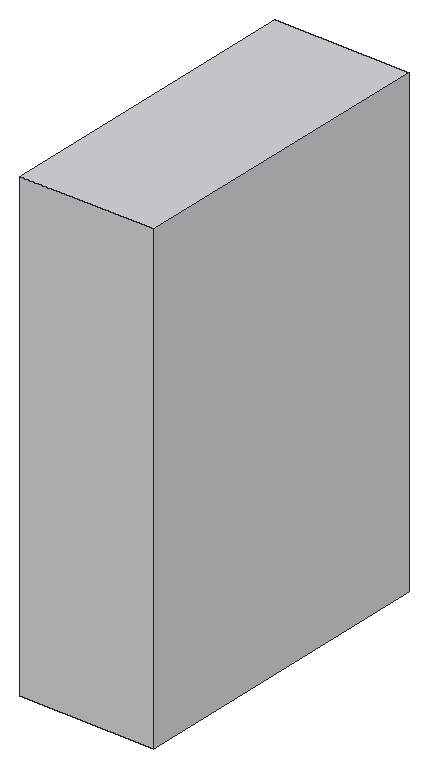
Revit family "Fireplace for LT", category Generic Models, Revit 2021
Family settings
  Can host rebar = No
  Round Connector Dimension = Use Diameter
  Part Type = Normal
  Work Plane-Based = No
  Always vertical = Yes
  Cut with Voids When Loaded = No
  Shared = No
  Room Calculation Point = No
Parameters
  Default Elevation = 0' - 0"
Reference planes (in)
  plane 1 "Center (Front/Back)": y = 0
  plane 2: z = 0
  plane 3 "Center (Left/Right)": x = 0
  plane 4: y = -37
  plane 5: y = 37
  plane 6: x = -15.5
  plane 7: x = 15.5
Forms (in)
  Extrusion 1, solid
    sketch origin (60.00379, -46.653, 0) x (1, 0, 0) y (0, 1, 0)
      loop
        line (-75.50379, 83.653) -> (-75.50379, 9.653) -> (-44.50379, 9.653) -> (-44.50379, 83.653) -> (-75.50379, 83.653)
    from 0 to 108
  Extrusion 2, void
    sketch origin (60.00379, -46.653, 0) x (1, 0, 0) y (0, 1, 0)
      loop
        line (-75.50379, 72.653) -> (-75.50379, 20.653) -> (-56.50379, 27.56843) -> (-56.50379, 65.73756) -> (-75.50379, 72.653)
    from 0 to 48
Cuts and joins
  Extrusion 2 cuts Extrusion 1
Dimensions and locks (in)
  aligned and locked: plane 2 to level
  aligned and locked: Extrusion 1 sketch curve to plane 5
  aligned and locked: Extrusion 1 sketch curve to plane 6
  aligned and locked: plane 4 to Extrusion 1 sketch curve
  aligned and locked: plane 7 to Extrusion 1 sketch curve
